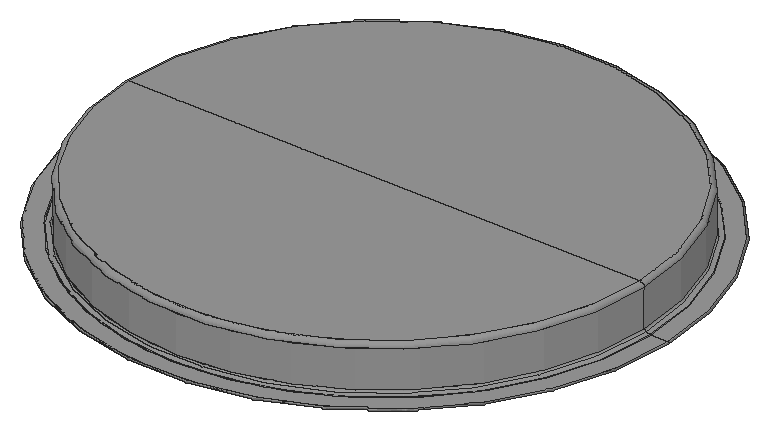
Revit family "MIA13_63_UN_Downlighter_ETK", category Lighting Fixtures, Revit 2017 (continued)
Definition of nested family "MIA.13 - Lightsource"
  Types (8, lengths in mm): name | Wattage | built-in parameter 1150134 | Photometric Web File | built-in parameter 1150142 | built-in parameter 1150105 | Lumens | built-in parameter 1150107 | built-in parameter 1150106
    MIA.1310.15 - Ø240 / 18W / 1800lm / 3000K | 12.1178 W | (empty or 0) | "MIA.1310.15_LDT.ies" | "IESNA91\r\n[MANUFAC]  www.etk.nl\r\n[LUMCAT] MIA.1310.15\r\n[LUMINAIRE] MIA.1 LED 18W 3000K ø240 1800Lm mat wit \r\n[LAMP] LED\r\n[CHANGED] this file converted to 'ies' from 'ldt' by IES Viewer v2.99n    (C) Andrey Legotin\r\nTILT=NONE\r\n1 1800 1.8 101 36 1 2 0 -0.22 0\r\n1 1 18\r\n0 0.9 1.8 2.7 3.6 4.5 5.4 6.3 7.2 8.1 9 9.9 10.8 11.7 12.6 \r\n13.5 14.4 15.3 16.2 17.1 18 18.9 19.8 20.7 21.6 22.5 23.4 \r\n24.3 25.2 26.1 27 27.9 28.8 29.7 30.6 31.5 32.4 33.3 34.2 \r\n35.1 36 36.9 37.8 38.7 39.6 40.5 41.4 42.3 43.2 44.1 45 \r\n45.9 46.8 47.7 48.6 49.5 50.4 51.3 52.2 53.1 54 54.9 55.8 \r\n56.7 57.6 58.5 59.4 60.3 61.2 62.1 63 63.9 64.8 65.7 66.6 \r\n67.5 68.4 69.3 70.2 71.1 72 72.9 73.8 74.7 75.6 76.5 77.4 \r\n78.3 79.2 80.1 81 81.9 82.8 83.7 84.6 85.5 86.4 87.3 88.2 \r\n89.1 90 \r\n0 10 20 30 40 50 60 70 80 90 100 110 120 130 140 150 160 \r\n170 180 190 200 210 220 230 240 250 260 270 280 290 300 310 \r\n320 330 340 350 \r\n345.652 343.7612 343.769 344.0738 344.5113 345.0035 \r\n345.0035 344.3316 343.4409 342.183 340.386 338.5968 336.956 \r\n335.3543 334.073 333.2682 332.7135 331.8306 330.2992 \r\n328.7132 326.7287 324.3535 321.9236 318.9312 315.7669 \r\n313.087 311.0712 309.3835 307.6178 305.6333 303.6565 \r\n300.7813 297.492 294.0386 290.1711 286.1239 282.4674 \r\n279.4203 276.5997 273.7636 270.8884 268.0131 264.4113 \r\n260.5594 256.4575 251.8869 247.0271 242.3939 238.2295 \r\n234.1667 230.268 226.6427 223.0252 218.9312 214.6808 \r\n210.3133 205.7661 201.0938 196.2419 190.7571 185.2723 \r\n180.2953 175.7325 171.2243 166.8802 162.6143 158.0123 \r\n152.7932 147.2146 141.5501 135.5497 129.5414 123.8222 \r\n118.2436 112.8369 107.9069 103.3049 98.4374 92.976 87.2803 \r\n81.5689 75.8184 70.0602 64.841 59.8719 54.8949 49.7461 \r\n44.4566 39.1906 34.0417 28.9085 23.7675 18.6343 13.5011 \r\n9.7117 6.6568 3.6487 0.6407 0 0 0 \r\n345.652 344.4644 343.394 342.808 342.9018 343.269 343.4331 \r\n343.3315 343.0815 342.3236 341.0266 339.7062 337.4951 \r\n335.1746 333.2526 331.7837 330.5414 329.4867 328.7444 \r\n327.9084 326.3458 324.2675 322.0486 319.1343 316.0169 \r\n312.9541 309.9461 307.0552 304.6097 303.0002 301.3907 \r\n298.914 296.1872 293.2338 289.8195 286.1942 283.0143 \r\n280.4516 278.0373 275.6231 273.2088 268.3178 263.1299 \r\n258.4343 254.5199 250.9259 247.0193 242.6205 238.0342 \r\n233.4479 228.9007 224.3535 220.025 215.8919 211.7978 \r\n207.5475 203.1956 198.8046 194.3355 189.8039 185.1473 \r\n179.5453 173.9511 168.6225 163.4893 158.4499 153.5198 \r\n148.6991 143.8862 139.0812 134.2839 129.1898 123.369 \r\n117.4623 111.6259 105.852 100.2266 95.0152 90.2492 85.4051 \r\n79.9437 74.373 68.8413 63.3487 57.8717 52.8244 48.1366 \r\n43.3628 38.2999 32.9479 27.5959 22.4627 17.3217 12.8916 \r\n9.1413 5.7583 3.7034 3.1721 2.6486 2.1252 1.5939 \r\n345.652 345.8395 345.9723 345.9958 345.2692 344.191 \r\n342.9409 341.4173 339.8 338.5264 338.3077 338.0967 337.6201 \r\n337.0341 336.2372 334.8621 333.0963 331.0727 328.4632 \r\n325.7051 323.2206 321.361 319.5093 317.9702 316.5638 \r\n314.9699 312.9073 310.493 307.9381 304.8676 301.7423 \r\n298.328 294.6246 290.8821 288.1084 285.8348 283.4675 \r\n280.9048 278.178 275.2559 271.2009 267.1537 262.7549 \r\n258.0983 253.4651 249.371 245.6754 242.0658 238.6749 235.37 \r\n231.8775 227.4865 223.0877 218.3139 213.3135 208.3288 \r\n203.5784 199.0624 194.5777 190.1867 185.8192 181.2954 \r\n176.4825 171.6384 166.3646 160.8094 155.3246 150.1133 \r\n145.1598 140.175 134.8777 129.557 124.2519 118.9702 \r\n113.6886 108.5554 103.5472 98.3671 92.7651 86.8193 80.9126 \r\n75.6465 70.3805 65.3645 60.5907 55.8403 50.793 45.4332 \r\n40.0891 34.823 29.5961 24.4316 19.525 14.6418 10.5946 \r\n7.2193 4.0706 0.9141 0 0 0 \r\n345.652 344.4488 344.6754 345.0738 344.9957 344.48 343.6909 \r\n342.4408 340.5422 338.7061 337.417 336.3622 335.4793 \r\n335.0496 334.7449 333.8855 332.4713 330.7915 328.6663 \r\n325.9395 323.2049 320.7751 318.3842 316.306 314.6886 \r\n313.2667 311.454 309.1413 306.6802 303.7737 300.3985 \r\n297.0232 293.5151 289.9914 286.7724 283.9362 281.2642 \r\n278.4514 275.42 272.3494 269.0523 265.5911 261.9502 \r\n257.3639 252.5041 248.0428 244.0503 240.2922 236.7138 \r\n233.4948 230.268 226.088 221.6111 216.8998 211.6962 \r\n206.2817 201.2735 196.8435 192.5463 188.2491 183.9519 \r\n179.6468 174.7246 169.6383 164.38 158.8562 153.1995 147.785 \r\n142.8783 137.9952 133.0885 128.135 123.1815 117.9389 \r\n112.6182 107.3521 102.172 97.0154 91.6712 85.8348 80.0063 \r\n74.5293 69.2476 64.0128 58.8874 53.8089 48.8866 44.1831 \r\n39.55 34.7136 29.3617 24.0097 19.1343 14.4621 10.3211 \r\n7.4068 5.266 3.6722 3.219 3.0002 2.7893 \r\n345.652 343.8941 342.7377 342.0111 341.9564 342.1674 \r\n342.3236 342.3939 342.3392 341.7689 340.5344 339.2921 \r\n337.1357 334.823 332.8385 331.2915 329.9789 328.8069 \r\n327.9084 326.963 325.6114 323.9081 322.072 319.1577 \r\n315.9387 312.8526 309.9305 307.1412 304.7269 303.1487 \r\n301.5704 299.0937 296.2731 293.2651 289.8039 286.1317 \r\n282.4674 278.7874 275.1543 271.7712 268.8726 265.9739 \r\n262.5908 259.0593 255.2856 251.0821 246.6286 242.2142 \r\n237.878 233.5573 229.3617 225.3379 221.3142 217.3217 \r\n213.3292 209.2117 204.891 200.4219 195.7028 190.1633 \r\n184.6316 179.3734 174.3027 169.3648 165.1457 161.2782 \r\n157.0045 152.0431 146.7146 141.3079 135.6747 130.0492 \r\n124.4082 118.7749 113.3292 108.485 104.0472 99.3437 94.0542 \r\n88.5772 83.1393 77.7873 72.4353 67.3178 62.333 57.3404 \r\n52.2853 47.1677 42.097 37.1904 32.2994 27.674 23.3378 \r\n19.0327 14.7746 10.5399 6.3052 2.0705 0 0 0 \r\n345.652 345.6051 344.4175 343.0893 342.0423 341.222 \r\n340.5813 340.2766 340.4016 340.4407 339.7922 338.9249 \r\n337.792 336.1356 334.3464 332.2447 329.8695 327.6037 \r\n325.8301 324.6504 323.4784 322.1345 320.7751 318.9468 \r\n316.5169 313.8605 310.7821 307.1959 303.7034 300.6329 \r\n297.9373 295.2965 293.2651 291.3196 288.8351 285.7958 \r\n282.4518 278.7483 274.4824 270.2711 266.4739 262.919 \r\n259.4031 256.0513 252.7385 249.2382 245.527 241.722 237.792 \r\n233.6433 229.4945 224.5097 219.3374 214.3839 209.907 \r\n205.6411 201.3126 196.906 192.4916 188.1006 183.7409 \r\n179.3734 173.9277 168.2788 162.7471 157.3795 152.0978 \r\n147.1677 142.9252 138.6358 133.8933 128.7288 123.5331 \r\n118.0717 112.5322 107.2115 102.172 97.242 92.2181 86.9599 \r\n81.7017 76.3966 71.0759 65.7864 60.5829 55.434 50.5586 \r\n46.1052 41.7689 37.2607 32.3697 27.4787 22.7518 18.0717 \r\n13.837 10.4618 7.61 5.3598 4.3597 3.555 2.7502 \r\n345.652 344.0894 344.4097 344.9098 344.7613 344.3003 \r\n343.5268 342.2455 340.6672 339.0968 337.5654 336.0263 \r\n335.2606 334.9168 334.5418 333.6667 332.4635 331.0102 \r\n329.0257 326.8302 324.5019 321.7751 319.0562 316.8216 \r\n314.8215 312.8916 311.0009 309.1492 307.0865 304.305 \r\n301.4142 298.3671 295.1168 291.8353 288.3897 284.8504 \r\n281.4829 278.4593 275.7169 272.9432 269.9117 266.8802 \r\n263.2471 259.1218 254.8402 250.3242 245.6208 241.1829 \r\n237.3935 233.987 230.518 226.713 222.908 218.7124 214.2433 \r\n209.5867 204.5082 199.0312 193.7183 188.9757 184.4285 \r\n179.9281 175.5293 171.1306 166.3333 161.2548 156.1919 \r\n151.3087 146.613 141.8001 136.0341 130.1274 124.5332 \r\n119.3453 114.2746 109.1804 104.0628 99.0155 94.1402 89.4289 \r\n84.7019 79.3499 73.998 68.7163 63.5128 58.3874 53.6683 \r\n49.4179 45.1051 40.5657 35.8778 31.1977 26.4943 21.7908 \r\n17.6264 13.9386 10.4149 6.8834 3.3596 0 0 \r\n345.652 344.6519 344.7613 345.0113 344.5504 343.6987 \r\n342.6127 341.0891 339.2453 337.5576 336.8466 336.1434 \r\n335.5731 335.1121 334.6043 333.487 331.9087 330.0805 \r\n327.674 324.9473 322.283 319.9625 317.642 315.7747 314.212 \r\n312.626 310.7118 308.485 306.0708 302.9924 299.7109 \r\n296.3669 292.8823 289.3898 286.2255 283.2721 280.3813 \r\n277.5217 274.6933 271.8181 268.5288 265.1926 261.3642 \r\n256.9419 252.3635 247.8866 243.4878 239.3234 235.7606 \r\n232.6901 229.5648 225.2051 220.8454 216.1184 211.0634 \r\n205.8911 200.9063 196.1638 191.4837 186.8818 182.3971 \r\n177.9123 173.1698 168.3882 163.6222 158.903 154.1917 \r\n149.1523 143.4643 137.7998 132.3619 127.1349 121.9314 \r\n116.9857 112.1025 107.2896 102.5783 97.8592 92.851 87.1865 \r\n81.522 76.0841 70.7321 65.7864 62.2158 59.2703 56.3247 \r\n52.5432 46.8943 40.6672 34.5261 29.8539 25.1895 21.0016 \r\n17.2435 13.6573 10.3211 7.2584 4.1956 1.1329 0 \r\n345.652 343.0268 342.2142 341.7845 341.9798 342.4799 \r\n342.683 342.4564 341.9877 341.2063 339.6672 338.128 \r\n336.0653 333.8151 331.8462 330.5883 329.7836 328.9241 \r\n327.9319 326.8693 325.4082 323.2049 321.0095 318.1264 \r\n315.0012 312.04 309.4304 307.0474 304.7504 302.7502 \r\n300.7579 298.3514 295.609 292.8041 289.6789 286.3974 \r\n282.8737 278.9124 274.7402 270.7712 267.6459 264.5207 \r\n261.2392 257.8717 254.4418 250.8243 247.0818 243.0737 \r\n238.4796 233.6823 229.0023 224.7676 220.5329 216.7122 \r\n213.1026 209.3054 204.9301 200.0781 195.1559 190.007 \r\n184.8191 179.7953 175.0059 170.2399 165.4582 160.661 \r\n155.8403 150.9493 146.0036 140.9798 135.2606 129.5414 \r\n124.2128 119.2359 114.3292 109.2507 104.0316 98.8437 \r\n93.7261 88.6397 83.444 77.4748 71.4978 65.5207 60.7938 \r\n56.7701 52.8244 48.8632 44.8863 40.886 36.8232 32.5572 \r\n28.2913 24.1191 19.9937 16.0091 12.376 9.0398 5.6958 2.3517 \r\n0 \r\n345.652 347.9803 348.6757 349.1679 349.1523 348.6835 \r\n347.9412 346.7224 344.8629 343.0971 342.058 341.261 \r\n340.5891 340.1985 339.8937 339.0968 337.8311 336.3466 \r\n334.4636 332.0806 329.6976 327.0802 324.4472 322.2596 \r\n320.7047 319.4 317.7045 315.4934 313.1963 310.6415 307.8287 \r\n304.9535 301.1407 297.2185 293.7573 290.8274 288.1475 \r\n285.5457 283.069 280.4985 277.1779 273.4042 269.4976 \r\n264.9895 260.3172 256.0747 252.3088 248.7304 245.1598 \r\n241.6361 238.1124 233.8776 229.4789 224.8848 219.9156 \r\n214.7824 209.8289 205.141 200.5313 196.0466 191.7494 \r\n187.4443 182.694 177.8498 173.0213 168.2085 163.4112 \r\n158.3014 152.5588 146.8474 141.4876 136.4872 131.5103 \r\n126.9396 122.4861 117.6811 112.415 106.899 101.336 95.6403 \r\n89.9523 84.6394 79.4906 74.4902 69.9664 65.6614 61.1532 \r\n56.3169 51.379 46.4724 41.6439 36.8154 32.7291 28.8773 \r\n25.0332 21.0954 17.1029 13.1182 9.1257 5.1332 1.1407 \r\n345.652 347.1756 346.3396 345.6598 345.5192 345.5817 \r\n345.6911 345.863 345.9411 345.6208 344.5582 343.4956 \r\n342.0111 340.2297 338.378 336.5185 334.6668 332.9323 \r\n331.565 330.5727 329.5882 328.01 326.4005 324.2988 321.6267 \r\n318.7358 315.6418 312.2978 309.1492 306.7271 304.9066 \r\n303.0237 300.6876 298.2889 295.4293 292.0931 288.5069 \r\n284.6238 280.2953 276.0528 272.4979 269.2788 266.0833 \r\n262.9346 259.8094 256.3013 252.3947 248.3553 244.2535 \r\n240.0422 235.8387 230.9555 225.9552 221.2204 216.9466 \r\n212.8604 208.8679 204.9848 201.0079 196.5544 191.5384 \r\n186.5146 180.9594 175.3262 169.8492 164.591 159.4578 \r\n154.6449 150.4414 146.1599 141.3392 136.0497 130.7133 \r\n125.0879 119.3843 113.9386 108.8366 103.8831 98.9062 93.898 \r\n88.8819 83.7253 78.5139 73.4354 68.7866 64.3332 59.6453 \r\n54.6136 49.5195 44.6207 40.1047 35.5887 31.1665 26.7755 \r\n22.5955 18.8296 15.3059 11.8369 8.4772 5.141 1.797 \r\n345.652 346.3005 347.2224 348.1053 348.285 348.1288 347.66 \r\n346.6521 345.3473 343.9409 342.1752 340.4094 339.5031 \r\n339.0343 338.6046 337.9639 337.1904 336.0809 334.2292 \r\n332.1197 329.7914 326.8849 323.9784 321.5876 319.439 \r\n317.4857 315.8762 314.5246 312.9073 310.3524 307.6568 \r\n304.516 300.836 297.0935 293.6323 290.3117 287.1709 \r\n284.3503 281.772 279.0843 275.7481 272.4041 268.8882 \r\n265.2395 261.4814 257.1451 252.3791 247.8162 243.73 \r\n239.8859 236.0341 232.0728 228.1116 224.1347 220.1422 \r\n215.97 211.2118 205.9067 200.6407 195.5387 190.4993 \r\n185.8192 181.8658 177.9983 173.4432 168.4507 163.3018 \r\n157.9577 152.4338 146.9646 141.933 136.956 131.9009 \r\n126.7521 121.5876 116.4622 111.3681 106.2114 100.8751 \r\n95.4059 89.9602 85.1004 80.2485 75.2715 70.2008 65.1223 \r\n60.1844 55.395 50.6836 46.2536 41.9798 37.6201 32.9323 \r\n28.1975 23.6581 19.2828 14.9465 10.618 6.2896 1.9533 0 \r\n345.652 345.4332 345.3004 345.1754 345.3785 345.8083 \r\n346.1599 346.0974 345.5817 344.941 343.3784 341.6126 \r\n339.7609 337.7608 335.7294 334.4714 333.9011 333.2839 \r\n332.3072 330.9868 329.6586 327.3381 325.002 322.408 \r\n319.5406 316.5872 313.962 311.7275 309.5164 307.4146 \r\n305.4067 303.3206 300.6954 297.9998 294.7183 290.8821 \r\n286.8583 282.9752 279.2953 275.67 272.5135 269.5757 \r\n266.5833 263.4346 260.2469 256.4966 252.1681 247.6365 \r\n242.9174 237.9405 232.9557 229.2914 225.8301 222.1892 \r\n218.1967 214.0714 209.5867 204.641 199.6718 194.7808 \r\n189.9836 185.1863 180.1703 175.1152 170.1617 165.3332 \r\n160.5594 155.6372 150.4493 145.277 140.2297 135.284 \r\n130.2524 124.7051 119.0093 113.5479 108.3522 103.3206 \r\n98.4686 93.9917 89.507 84.2253 78.6546 73.1151 67.724 \r\n62.4033 57.4264 52.9416 48.5507 44.0347 39.2687 34.5027 \r\n29.6429 24.7597 20.0797 15.7747 11.6728 8.2272 6.1099 \r\n4.1097 2.1017 \r\n345.652 347.8631 348.0272 347.9334 347.1365 345.9333 \r\n344.6754 343.4956 342.5424 341.9252 341.3079 341.011 \r\n340.8157 340.3703 339.2921 337.9327 336.2685 334.1667 \r\n331.9478 329.6117 327.0959 324.58 323.0643 321.7908 \r\n320.4157 318.814 317.0795 314.9387 311.9775 308.946 \r\n305.6645 302.0939 298.5311 295.6793 293.0541 290.4446 \r\n287.8428 285.2567 282.4596 278.9359 275.2559 271.4821 \r\n267.5678 263.6378 259.489 255.2231 251.0977 247.3084 \r\n243.8159 240.3078 236.706 233.0963 228.9945 224.4238 \r\n219.7203 214.673 209.3445 204.2738 199.8047 195.734 \r\n191.6243 187.2021 182.7721 177.967 172.8729 167.6459 \r\n162.1767 156.481 150.9337 145.9567 141.222 136.4325 \r\n131.4868 126.5255 121.3298 115.9544 110.6258 105.5082 \r\n100.6407 95.695 90.0852 84.366 78.8265 73.5448 68.3413 \r\n63.2159 58.1686 53.2073 48.4647 43.9331 39.4093 34.3933 \r\n29.3851 24.5332 19.8531 15.2903 11.3915 8.2663 5.141 2.0158 \r\n0 \r\n345.652 345.863 346.4568 347.0974 347.199 346.8005 346.1286 \r\n345.0895 343.5425 342.0111 340.5813 339.1827 338.0655 \r\n337.5811 337.2763 336.5263 335.3387 333.9558 332.276 \r\n330.2055 328.135 325.3145 322.4158 319.8531 317.8608 \r\n316.095 314.3917 312.751 310.9852 308.6569 305.7192 \r\n302.7737 299.0624 295.2574 291.7025 288.46 285.3817 \r\n282.4596 279.8344 277.1467 274.0058 270.5368 266.9662 \r\n262.8018 258.4733 254.1761 249.918 245.7145 241.6283 \r\n237.792 233.9558 230.0492 226.127 222.1502 218.0561 \r\n213.9151 209.321 204.0941 198.7421 193.5307 188.5616 \r\n183.5925 179.4281 175.4668 171.2087 166.388 161.2548 \r\n155.9966 150.4961 144.9723 139.3625 133.6667 127.9709 \r\n123.1424 118.5483 113.7511 108.6335 103.3362 97.953 92.3197 \r\n86.6865 81.4282 76.3732 71.3103 66.1145 60.8563 55.6762 \r\n50.6055 45.6208 40.7766 36.2919 31.815 26.9787 22.0017 \r\n17.1732 12.8369 8.8132 5.6489 4.3128 3.4143 2.5158 \r\n345.652 344.7066 345.2926 345.9489 346.2614 346.4177 \r\n346.1911 345.4098 344.3785 343.0034 340.9251 338.8546 \r\n337.7764 336.9873 336.3075 335.7215 335.1981 334.323 \r\n332.7057 330.9477 328.6976 325.7598 322.8221 320.4313 \r\n318.2124 316.1888 314.4855 312.9698 311.204 308.696 \r\n306.1958 303.0627 299.539 295.9762 292.4525 288.9601 \r\n285.7176 282.8893 280.2563 277.5061 274.4121 271.3181 \r\n267.8412 264.1769 260.3016 255.895 251.129 246.5974 \r\n242.5736 238.7061 234.9793 231.5962 228.2053 224.0878 \r\n219.6578 214.9934 209.9695 204.6722 199.414 194.2964 \r\n189.1867 184.6863 180.8188 177.0295 172.4119 167.3725 \r\n162.1767 156.6841 150.9962 145.4098 140.4328 135.4481 \r\n130.3461 125.1582 119.9312 114.6027 109.1882 103.8753 \r\n98.7968 93.8198 88.6944 82.9362 77.1701 71.6228 66.2083 \r\n60.9657 56.1528 51.7306 47.1521 42.0267 36.7607 31.565 \r\n26.4943 21.4392 16.6966 12.1494 7.6334 3.1174 0 0 0 \r\n345.652 347.6443 347.3162 346.699 345.8786 344.6363 \r\n343.1284 341.9252 341.347 340.8938 340.5266 340.3078 \r\n340.0969 339.2453 338.1905 336.9169 335.3153 333.5026 \r\n331.6822 329.8539 327.9006 325.5879 323.2753 321.4314 \r\n319.814 318.0483 315.845 313.2667 310.5868 307.5006 304.18 \r\n300.8673 297.7342 294.6324 291.8197 289.421 287.2412 \r\n284.6472 281.2017 277.6701 273.6464 269.0991 264.5988 \r\n260.7782 257.1607 253.6683 250.3555 247.1052 243.5815 \r\n239.4015 235.2293 230.9555 226.6349 222.197 217.306 \r\n212.1963 207.3521 202.8987 198.578 194.1792 189.5695 \r\n184.9598 180.35 175.7481 170.
